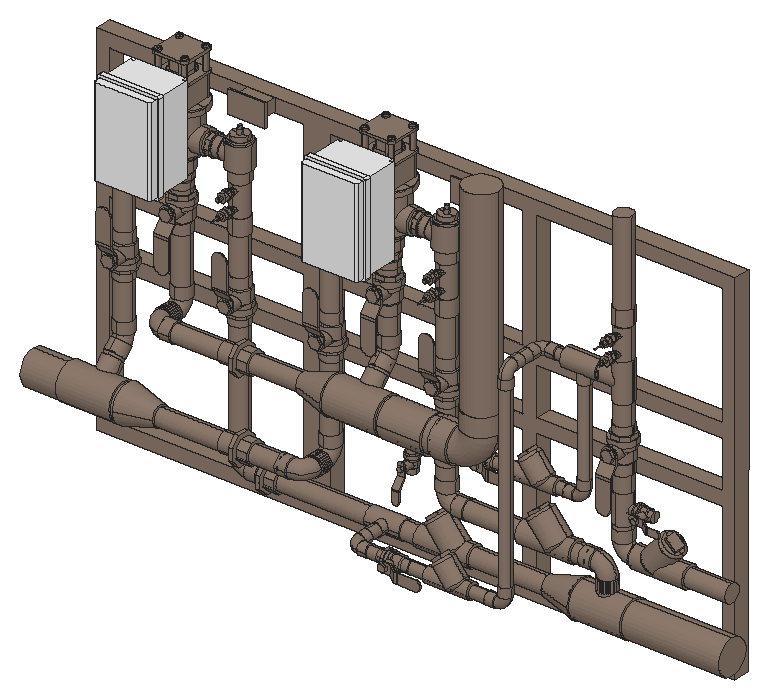
Revit family "Mixing_Valve-Leonard_Valve_Company-Megatron-NV_200_LF_2PS-1", category Pipe Accessories, Revit 2015 (continued)
Definition of nested family "Box_NV-150-LF"
  Automatic sketch dimensions
    Sweep 2 sketch curve to Sweep 2 sketch curve = 0.05983"  (x3)
Definition of nested family "Nucleus_Mixing-Valve_Leonard-Valve-Company_NV-200-LF"
  Parameters (values of type "NV-150-RF-IF BASE")
    NV-150-RF-IF-RTS = no
    NV-150-LF-IF-RTS Additional part = 0.5000"
    Default Elevation = 48.0000"
    Bronze - Leonard Valve Company = none
  Types (3): name | NV-150-RF-IF-RTS | NV-150-LF-IF-RTS Additional part
    (no name) | no | 0.5000"
    NV-150-RF-IF-RTS | yes | 7.5000"
    NV-150-RF-IF BASE | no | 0.5000"
  Reference planes (in)
    plane 1 "Center (Front/Back)": y = 0
    plane 2: z = 0
    plane 3 "Center (Left/Right)": x = 0
    plane 4: y = 1.1142
    plane 5: y = -1.1142
    plane 6: y = 2.13305
    plane 7: y = -1.65625
    plane 8: y = 1.63116
    plane 9: y = -1.63116
    plane 10: z = 8.85341
    plane 11: y = 0.9282
    plane 12: y = -0.9282
    plane 13: y = 1.24452
    plane 14: y = -1.24452
    plane 15: y = 1.65625
    plane 16: y = -1.53078
    plane 17: y = 0.6535
    plane 18: y = -0.6535
    plane 19: y = 0.2185
    plane 20: y = -0.2185
    plane 21: z = -2.95114
    plane 22: y = 0.25597
    plane 23: y = -0.25597
    plane 24: y = -2.13305
    plane 25: x = -8.57905
    plane 26: z = -1.79678
    plane 27: x = 8.61051
    plane 28: y = 1.88216
    plane 29: y = -1.88216
    plane 30: z = -6.40839
  Forms (in)
    Revolve 1, solid, material <- "Bronze - Leonard Valve Company"
      sketch origin (0, 0, 0) x (1, 0, 0) y (0, 0, 1)
        loop
          line (-2.89593, 2.44924) -> (0, 2.44924) -> (0, 3.09669) -> (-2.85578, 3.09669)
          arc (-2.85578, 3.09669) -> (-2.87707, 3.08787) -> (-2.88589, 3.06657) r 0.03011
          line (-2.88589, 3.06657) -> (-2.89593, 2.44924)
        axis (0, 3.09669) -> (0, 2.44924)
      angle from 0 to 360
    Sweep 2, solid, material <- "Bronze - Leonard Valve Company"
      path origin (0, 0, 0) x (1, 0, 0) y (0, 0, 1)
        loop
          line (0, 6.07794) -> (0, 5.82699)
      profile origin (0, 0, 5.95246) x (0, -1, 0) y (1, 0, 0)
        loop
          arc (-2.13305, -1.63111) -> (-1.98605, -1.986) -> (-1.63116, -2.133) r 0.50189
          line (-1.63116, -2.133) -> (1.63116, -2.133)
          arc (1.63116, -2.133) -> (1.98605, -1.986) -> (2.13305, -1.63111) r 0.50189
          line (2.13305, -1.63111) -> (2.13305, 1.63111)
          arc (2.13305, 1.63111) -> (1.98605, 1.986) -> (1.63116, 2.133) r 0.50189
          line (1.63116, 2.133) -> (-1.63116, 2.133)
          arc (-1.63116, 2.133) -> (-1.98605, 1.986) -> (-2.13305, 1.63111) r 0.50189
          line (-2.13305, 1.63111) -> (-2.13305, -1.63111)
    Sweep 3, solid, material <- "Bronze - Leonard Valve Company"
      path origin (0, 0, 0) x (1, 0, 0) y (0, 0, 1)
        loop
          line (0, 6.07794) -> (0, 7.84962)
      profile origin (0, 0, 6.96378) x (-1, 0, 0) y (0, -1, 0)
        loop
          arc (0.58009, -1.1142) -> (0.69357, -1.05731) -> (0.73829, -0.93851) r 0.17417
          arc (0.73829, -0.93851) -> (0.79399, -0.80403) -> (0.92847, -0.74833) r 0.19019
          arc (0.92847, -0.74833) -> (1.04487, -0.70481) -> (1.10417, -0.5956) r 0.17742
          line (1.10417, -0.5956) -> (1.10417, 0.5956)
          arc (1.10417, 0.5956) -> (1.04487, 0.70481) -> (0.92847, 0.74833) r 0.17742
          arc (0.92847, 0.74833) -> (0.79399, 0.80403) -> (0.73829, 0.93851) r 0.19019
          arc (0.73829, 0.93851) -> (0.69357, 1.05731) -> (0.58009, 1.1142) r 0.17417
          line (0.58009, 1.1142) -> (-0.58009, 1.1142)
          arc (-0.58009, 1.1142) -> (-0.69357, 1.05731) -> (-0.73829, 0.93851) r 0.17417
          arc (-0.73829, 0.93851) -> (-0.79399, 0.80403) -> (-0.92847, 0.74833) r 0.19019
          arc (-0.92847, 0.74833) -> (-1.04487, 0.70481) -> (-1.10417, 0.5956) r 0.17742
          line (-1.10417, 0.5956) -> (-1.10417, -0.5956)
          arc (-1.10417, -0.5956) -> (-1.04487, -0.70481) -> (-0.92847, -0.74833) r 0.17742
          arc (-0.92847, -0.74833) -> (-0.79399, -0.80403) -> (-0.73829, -0.93851) r 0.19019
          arc (-0.73829, -0.93851) -> (-0.69357, -1.05731) -> (-0.58009, -1.1142) r 0.17417
          line (-0.58009, -1.1142) -> (0.58009, -1.1142)
    Sweep 4, solid, material <- "Bronze - Leonard Valve Company"
      path origin (0, 0, 0) x (1, 0, 0) y (0, 0, 1)
        loop
          line (0, 6.07794) -> (0, 6.45938)
      profile origin (0, 0, 6.26866) x (-1, 0, 0) y (0, -1, 0)
        loop
          arc (0.94938, -1.1142) -> (1.05883, -1.06887) -> (1.10417, -0.95942) r 0.15479
          line (1.10417, -0.95942) -> (1.10417, 0.95942)
          arc (1.10417, 0.95942) -> (1.05883, 1.06887) -> (0.94938, 1.1142) r 0.15479
          line (0.94938, 1.1142) -> (-0.94938, 1.1142)
          arc (-0.94938, 1.1142) -> (-1.05883, 1.06887) -> (-1.10417, 0.95942) r 0.15479
          line (-1.10417, 0.95942) -> (-1.10417, -0.95942)
          arc (-1.10417, -0.95942) -> (-1.05883, -1.06887) -> (-0.94938, -1.1142) r 0.15479
          line (-0.94938, -1.1142) -> (0.94938, -1.1142)
    Sweep 5, solid, material <- "Bronze - Leonard Valve Company"
      path origin (-4.39662, 1.63116, 47.24409) x (-1, 0, 0) y (0, 0, 1)
        loop
          line (-2.7755, -41.16616) -> (-2.7755, -38.90764)
      profile origin (-1.62112, 1.63116, 7.2072) x (1, 0, 0) y (0, 1, 0)
        loop
          circle (0, 0) r 0.251
    Sweep 6, solid, material <- "Bronze - Leonard Valve Company"
      path origin (-4.39662, 1.63116, 47.24409) x (-1, 0, 0) y (0, 0, 1)
        loop
          line (-6.01773, -38.90764) -> (-6.01773, -41.16616)
      profile origin (1.62112, 1.63116, 7.2072) x (0, 1, 0) y (-1, 0, 0)
        loop
          circle (0, 0) r 0.251
    Sweep 7, solid, material <- "Bronze - Leonard Valve Company"
      path origin (-4.39662, -1.63116, 47.24409) x (-1, 0, 0) y (0, 0, 1)
        loop
          line (-2.7755, -38.90764) -> (-2.7755, -41.16616)
      profile origin (-1.62112, -1.63116, 7.2072) x (0, -1, 0) y (1, 0, 0)
        loop
          circle (0, 0) r 0.251
    Sweep 8, solid, material <- "Bronze - Leonard Valve Company"
      path origin (-4.39662, -1.63116, 47.24409) x (-1, 0, 0) y (0, 0, 1)
        loop
          line (-6.01773, -41.16616) -> (-6.01773, -38.90764)
      profile origin (1.62112, -1.63116, 7.2072) x (-1, 0, 0) y (0, -1, 0)
        loop
          circle (0, 0) r 0.251
    Sweep 9, solid, material <- "Bronze - Leonard Valve Company"
      path origin (0, 0, 0) x (1, 0, 0) y (0, 0, 1)
        loop
          line (0, 8.58741) -> (0, 8.33646)
      profile origin (0, 0, 8.46193) x (0, -1, 0) y (1, 0, 0)
        loop
          arc (-2.13305, -1.63111) -> (-1.98605, -1.986) -> (-1.63116, -2.133) r 0.50189
          line (-1.63116, -2.133) -> (1.63116, -2.133)
          arc (1.63116, -2.133) -> (1.98605, -1.986) -> (2.13305, -1.63111) r 0.50189
          line (2.13305, -1.63111) -> (2.13305, 1.63111)
          arc (2.13305, 1.63111) -> (1.98605, 1.986) -> (1.63116, 2.133) r 0.50189
          line (1.63116, 2.133) -> (-1.63116, 2.133)
          arc (-1.63116, 2.133) -> (-1.98605, 1.986) -> (-2.13305, 1.63111) r 0.50189
          line (-2.13305, 1.63111) -> (-2.13305, -1.63111)
    Revolve 10, solid, material <- "Bronze - Leonard Valve Company"
      sketch origin (-4.39662, 1.63116, 47.24409) x (-1, 0, 0) y (0, 0, 1)
        loop
          line (-2.7755, -38.39069) -> (-2.7755, -38.65669) -> (-2.39908, -38.65669) -> (-2.39908, -38.59646) -> (-2.4844, -38.59646) -> (-2.4844, -38.41578) -> (-2.52455, -38.39069) -> (-2.7755, -38.39069)
        axis (-2.7755, -38.39069) -> (-2.7755, -38.65669)
      angle from 0 to 360
    Revolve 11, solid, material <- "Bronze - Leonard Valve Company"
      sketch origin (-1.40981, 0.9282, 47.24409) x (-1, 0, 0) y (0, 0, 1)
        loop
          line (-0.33073, -40.78472) -> (-0.33073, -40.594) -> (-0.49164, -40.594) -> (-0.49164, -40.78472) -> (-0.33073, -40.78472)
        axis (-0.49164, -40.594) -> (-0.49164, -40.78472)
      angle from 0 to 360
    Revolve 12, solid, material <- "Bronze - Leonard Valve Company"
      sketch origin (-1.40981, 0.9282, 47.24409) x (-1, 0, 0) y (0, 0, 1)
        loop
          line (-2.32797, -40.78472) -> (-2.32797, -40.594) -> (-2.48888, -40.594) -> (-2.48888, -40.78472) -> (-2.32797, -40.78472)
        axis (-2.32797, -40.594) -> (-2.32797, -40.78472)
      angle from 0 to 360
    Revolve 13, solid, material <- "Bronze - Leonard Valve Company"
      sketch origin (-1.40981, -0.9282, 47.24409) x (-1, 0, 0) y (0, 0, 1)
        loop
          line (-0.49164, -40.594) -> (-0.49164, -40.78472) -> (-0.33073, -40.78472) -> (-0.33073, -40.594) -> (-0.49164, -40.594)
        axis (-0.49164, -40.594) -> (-0.49164, -40.78472)
      angle from 0 to 360
    Revolve 14, solid, material <- "Bronze - Leonard Valve Company"
      sketch origin (-1.40981, -0.9282, 47.24409) x (-1, 0, 0) y (0, 0, 1)
        loop
          line (-2.32797, -40.594) -> (-2.48888, -40.594) -> (-2.48888, -40.78472) -> (-2.32797, -40.78472) -> (-2.32797, -40.594)
        axis (-2.32797, -40.594) -> (-2.32797, -40.78472)
      angle from 0 to 360
    Revolve 15, solid, material <- "Bronze - Leonard Valve Company"
      sketch origin (0, 0, 0) x (1, 0, 0) y (0, 0, 1)
        loop
          line (0, 2.44924) -> (0, -4.83353) -> (1.16988, -4.83353) -> (1.16988, -4.45682) -> (1.42036, -4.45682) -> (1.45437, -3.20146) -> (1.63456, -2.52901)
          arc (1.63456, -2.52901) -> (1.68024, -2.46978) -> (1.75161, -2.44734) r 0.12472
          line (1.75161, -2.44734) -> (2.17084, -2.44734)
          arc (2.17084, -2.44734) -> (2.28253, -2.40108) -> (2.32879, -2.28939) r 0.15795
          line (2.32879, -2.28939) -> (2.32879, 2.44924) -> (0, 2.44924)
        axis (0, 2.44924) -> (0, -4.83353)
      angle from 0 to 360
    Sweep 16, solid, material <- "Bronze - Leonard Valve Company"
      path origin (0, 0, 0) x (1, 0, 0) y (0, 0, 1)
        loop
          line (0, -5.47206) -> (0, -4.83353)
      profile origin (0, 0, -5.15279) x (-1, 0, 0) y (0, -1, 0)
        loop
          line (1.23968, 0) -> (0.87511, 0.88013) -> (-0.00502, 1.2447) -> (-0.88515, 0.88013) -> (-1.23968, 0) -> (-0.88515, -0.88013) -> (-0.00502, -1.2447) -> (0.87511, -0.88013) -> (1.23968, 0)
    Revolve 17, solid, material <- "Bronze - Leonard Valve Company"
      sketch origin (0, 0, 0) x (1, 0, 0) y (0, 0, 1)
        loop
          line (-1.23968, -2.49943) -> (-1.84697, -2.49943) -> (-1.84697, -2.69943) -> (-1.89215, -2.72147) -> (-1.97244, -2.72147) -> (-1.97244, -2.95114) -> (-1.23968, -2.95114) -> (-1.23968, -2.49943)
        axis (-1.23968, -2.95114) -> (-1.97244, -2.95114)
      angle from 0 to 360
    Sweep 18, solid, material <- "Bronze - Leonard Valve Company"
      path origin (0, 0, 0) x (1, 0, 0) y (0, 0, 1)
        loop
          line (-1.97244, -2.95114) -> (-2.21335, -2.95114)
      profile origin (-2.0929, 0, -2.95114) x (0, 0, -1) y (0, -1, 0)
        loop
          line (-0.32623, -0.13513) -> (-0.13513, -0.32623) -> (0.13513, -0.32623) -> (0.32623, -0.13513) -> (0.32623, 0.13513) -> (0.13513, 0.32623) -> (-0.13513, 0.32623) -> (-0.32623, 0.13513) -> (-0.32623, -0.13513)
    Revolve 19, solid, material <- "Bronze - Leonard Valve Company"
      sketch origin (0, 0, 0) x (1, 0, 0) y (0, 0, 1)
        loop
          line (-2.21335, -2.82566) -> (-2.28362, -2.82566) -> (-2.34384, -2.76544) -> (-2.34384, -2.95114) -> (-2.21335, -2.95114) -> (-2.21335, -2.82566)
        axis (-2.21335, -2.95114) -> (-2.34384, -2.95114)
      angle from 0 to 360
    Revolve 20, solid, material <- "Bronze - Leonard Valve Company"
      sketch origin (0, 0, 0) x (1, 0, 0) y (0, 0, 1)
        loop
          line (-2.7554, -2.7303) -> (-2.81563, -2.7303) -> (-2.81563, -2.88589) -> (-3.81941, -2.88589) -> (-3.81941, -2.95114) -> (-2.7554, -2.95114) -> (-2.7554, -2.7303)
        axis (-2.7554, -2.95114) -> (-3.81941, -2.95114)
      angle from 0 to 360
    Sweep 21, solid, material <- "Bronze - Leonard Valve Company"
      path origin (0, 0, 0) x (1, 0, 0) y (0, 0, 1)
        loop
          line (-2.7554, -2.95114) -> (-2.34384, -2.95114)
      profile origin (-2.54962, 0, -2.95114) x (0, 0, 1) y (0, -1, 0)
        loop
          line (0.25597, 0.10602) -> (0.10602, 0.25597) -> (-0.10602, 0.25597) -> (-0.25597, 0.10602) -> (-0.25597, -0.10602) -> (-0.10602, -0.25597) -> (0.10602, -0.25597) -> (0.25597, -0.10602) -> (0.25597, 0.10602)
    Revolve 22, solid, material <- "Bronze - Leonard Valve Company"
      sketch origin (-4.39662, 1.63116, 47.24409) x (-1, 0, 0) y (0, 0, 1)
        loop
          line (-6.39462, -38.65669) -> (-6.01773, -38.65669) -> (-6.01773, -38.39069) -> (-6.26868, -38.39069) -> (-6.30883, -38.41578) -> (-6.30883, -38.59646) -> (-6.39462, -38.59646) -> (-6.39462, -38.65669)
        axis (-6.01773, -38.39069) -> (-6.01773, -38.65669)
      angle from 0 to 360
    Revolve 23, solid, material <- "Bronze - Leonard Valve Company"
      sketch origin (-4.39662, -1.63116, 47.24409) x (-1, 0, 0) y (0, 0, 1)
        loop
          line (-2.39908, -38.65669) -> (-2.39908, -38.59646) -> (-2.4844, -38.59646) -> (-2.4844, -38.41578) -> (-2.52455, -38.39069) -> (-2.7755, -38.39069) -> (-2.7755, -38.65669) -> (-2.39908, -38.65669)
        axis (-2.7755, -38.39069) -> (-2.7755, -38.65669)
      angle from 0 to 360
    Revolve 24, solid, material <- "Bronze - Leonard Valve Company"
      sketch origin (-4.39662, -1.63116, 47.24409) x (-1, 0, 0) y (0, 0, 1)
        loop
          line (-6.39462, -38.65669) -> (-6.01773, -38.65669) -> (-6.01773, -38.39069) -> (-6.26868, -38.39069) -> (-6.30883, -38.41578) -> (-6.30883, -38.59646) -> (-6.39462, -38.59646) -> (-6.39462, -38.65669)
        axis (-6.01773, -38.39069) -> (-6.01773, -38.65669)
      angle from 0 to 360
    Sweep 25, solid, material <- "Bronze - Leonard Valve Company"
      path origin (0, 0, 0) x (1, 0, 0) y (0, 0, 1)
        loop
          line (0, 5.82699) -> (0, 3.09669)
      profile origin (0, 0, 4.46184) x (0, -1, 0) y (1, 0, 0)
        loop
          line (-1.63116, -1.87212) -> (1.65625, -1.87212)
          arc (1.65625, -1.87212) -> (1.81736, -1.78996) -> (1.88216, -1.62112) r 0.25239
          line (1.88216, -1.62112) -> (1.88216, 1.62112)
          arc (1.88216, 1.62112) -> (1.80864, 1.7986) -> (1.63116, 1.87212) r 0.251
          line (1.63116, 1.87212) -> (-1.65625, 1.87212)
          arc (-1.65625, 1.87212) -> (-1.8168, 1.78945) -> (-1.88216, 1.62112) r 0.25463
          line (-1.88216, 1.62112) -> (-1.88216, -1.62112)
          arc (-1.88216, -1.62112) -> (-1.80864, -1.7986) -> (-1.63116, -1.87212) r 0.251
    Revolve 26, solid, material <- "Bronze - Leonard Valve Company"
      sketch origin (0, 0, 0) x (1, 0, 0) y (0, 0, 1)
        loop
          line (0, -5.47206) -> (-1.23968, -5.47206)
          arc (-1.23968, -5.47206) -> (-1.17946, -5.5074) -> (-1.15344, -5.5722) r 0.10802
          line (-1.15344, -5.5722) -> (-1.15344, -6.40839) -> (0, -6.40839) -> (0, -5.47206)
        axis (0, -5.47206) -> (0, -6.40839)
      angle from 0 to 360
  Dimensions and locks (in)
    locked: Sweep 16 sketch curve to Sweep 16 sketch curve at 2.47936
    locked: Sweep 16 sketch curve to Sweep 16 sketch curve at 2.48939
    equal spacing: Sweep 18 sketch curve, plane 1 "Center (Front/Back)", Sweep 18 sketch curve
    locked: Sweep 18 sketch curve to Sweep 18 sketch curve at 0.65246
    plane 6 to plane 15 to plane 13 to plane 4 to plane 17 to plane 19 to plane 20 to plane 18 to plane 5 to plane 14 to plane 16 to plane 7 to plane 24 = 0.4768" locked, 0.41173" locked, 0.13031" locked, 0.4607" locked, 0.4350" locked, 0.4370" locked, 0.4350" locked, 0.4607" locked, 0.13031" locked, 0.28626" locked, 0.12547" locked, 0.4768" locked
    radius of Sweep 2 sketch curve = 0.50189"  (x4)
    radius of Sweep 4 sketch curve = 0.15479"  (x4)
    radius of Sweep 3 sketch curve = 0.17742"  (x4)
    radius of Sweep 3 sketch curve = 0.19019"  (x4)
    radius of Sweep 3 sketch curve = 0.17417"  (x4)
    radius of Sweep 5 sketch curve = 0.2510"
    radius of Sweep 6 sketch curve = 0.2510"
    radius of Sweep 7 sketch curve = 0.2510"
    radius of Sweep 8 sketch curve = 0.2510"
    radius of Sweep 9 sketch curve = 0.50189"  (x4)
    radius of Sweep 25 sketch curve = 0.2510"  (x2)
    radius of Sweep 25 sketch curve = 0.25463"
    radius of Sweep 25 sketch curve = 0.25239"
    aligned and locked: level to plane 2
    aligned and locked: plane 26 to nested 1
    aligned and locked: nested 1 to plane 25
    aligned and locked: plane 3 "Center (Left/Right)" to Revolve 15 sketch curve
    aligned and locked: plane 27 to nested 2
    aligned and locked: Sweep 25 sketch curve to plane 3 "Center (Left/Right)"
    aligned and locked: Sweep 25 sketch curve to plane 28
    aligned and locked: plane 29 to Sweep 25 sketch curve
    aligned and locked: Revolve 26 sketch curve to plane 3 "Center (Left/Right)"  (x2)
  Nested families (in)
    nested 1: "Mixing-Valve_Leonard-Valve-Company_NV-200-LF_Side" at (-7.07336, 0, -1.79678) x (-1, 0, 0) z (0, 0, 1), type "Mixing-Valve_Leonard-Valve-Company_NV-200-LF_Side"
    nested 2: "Mixing-Valve_Leonard-Valve-Company_NV-200-LF_Side" at (7.10483, 0, -3.32899), type "Mixing-Valve_Leonard-Valve-Company_NV-200-LF_Side"
  Definition of nested family "Mixing-Valve_Leonard-Valve-Company_NV-200-LF_Side"
    Parameters (values of type "Mixing-Valve_Leonard-Valve-Company_NV-200-LF_Side")
      Material = none
      Default Elevation = 48.0000"
    Reference planes (in)
      plane 1 "Center (Front/Back)": y = 0
      plane 2: z = 0
      plane 3 "Center (Left/Right)": x = 0
      plane 4: y = 1.1142
      plane 5: y = -1.1142
      plane 6: y = -1.65625
      plane 7: y = 1.63116
      plane 8: y = -1.63116
      plane 9: y = 0.9282
      plane 10: y = -0.9282
      plane 11: z = 2.75393
      plane 12: y = 1.24452
      plane 13: y = -1.24452
      plane 14: y = -1.53078
      plane 15: z = 5.91845
      plane 16: x = 1.50568
      plane 17: y = 0.6535
      plane 18: y = -0.6535
      plane 19: y = 0.2185
      plane 20: y = -0.2185
      plane 21: y = 0.25597
      plane 22: y = -0.25597
      plane 23: y = 1.65625
      plane 24: z = 0
      plane 25: x = -2.79546
      plane 26: x = -1.50568
      plane 27: x = -3.43137
      plane 28: x = -6.43137
      plane 29: z = 3.9206
      plane 30: z = 4.04077
      plane 31: z = 1.4671
    Forms (in)
      Revolve 1, solid, material <- "Material"
        sketch origin (0, 0, 2.8691) x (1, 0, 0) y (0, 0, 1)
          loop
            line (0, 3.04936) -> (0, -2.8691) -> (1.18522, -2.8691) -> (1.18522, -1.42704) -> (1.50568, -1.42704) -> (1.50568, 1.42704) -> (1.3805, 1.42704) -> (1.3805, 1.58727)
            arc (1.3805, 1.58727) -> (1.29024, 1.62572) -> (1.25542, 1.71745) r 0.12518
            line (1.25542, 1.71745) -> (1.01498, 1.71745) -> (1.01498, 2.20815) -> (0.28394, 2.20815) -> (0.28394, 2.67883) -> (0.21884, 2.67883) -> (0.21884, 3.04936) -> (0, 3.04936)
          axis (0, 3.04936) -> (0, -2.8691)
        angle from 0 to 360
      Revolve 2, solid, material <- "Material"
        sketch origin (0, 0, 0) x (1, 0, 0) y (0, 0, 1)
          loop
            line (0, 3.9206) -> (-1.72894, 3.9206) -> (-1.72894, 3.82046) -> (-1.85913, 3.82046) -> (-1.85913, 3.90057) -> (-2.69532, 3.90057)
            arc (-2.69532, 3.90057) -> (-2.76715, 3.94253) -> (-2.79546, 4.02074) r 0.12217
            line (-2.79546, 4.02074) -> (-2.79546, 2.75393) -> (0, 2.75393) -> (0, 3.9206)
          axis (-2.79546, 2.75393) -> (0, 2.75393)
        angle from 0 to 360
      Sweep 3, solid, material <- "Material"
        path origin (0, 0, 0) x (1, 0, 0) y (0, 0, 1)
          loop
            line (-2.79546, 2.75393) -> (-3.43137, 2.75393)
        profile origin (-3.11342, 0, 2.75393) x (0, 0, -1) y (0, -1, 0)
          loop
            line (-1.28684, 0) -> (-0.90993, -0.90993) -> (0, -1.28684) -> (0.90993, -0.90993) -> (1.28684, 0) -> (0.90993, 0.90993) -> (0, 1.28684) -> (-0.90993, 0.90993) -> (-1.28684, 0)
      Revolve 4, solid, material <- "Material"
        sketch origin (0, 0, 0) x (1, 0, 0) y (0, 0, 1)
          loop
            line (-3.43137, 3.9206) -> (-3.80691, 3.9206) -> (-3.80691, 4.16595) -> (-6.43137, 4.30555) -> (-6.43137, 2.75393) -> (-3.43137, 2.75393) -> (-3.43137, 3.9206)
          axis (-6.43137, 2.75393) -> (-3.43137, 2.75393)
        angle from 0 to 360
    Dimensions and locks (in)
      aligned and locked: level to plane 2
      aligned and locked: Revolve 1 sketch curve to plane 15
      aligned and locked: plane 3 "Center (Left/Right)" to Revolve 1 sketch curve
      aligned and locked: Revolve 1 sketch curve to plane 16
      aligned and locked: Revolve 1 sketch curve to plane 3 "Center (Left/Right)"
      aligned and locked: plane 24 to Revolve 1 sketch curve
      aligned and locked: plane 25 to Revolve 2 sketch curve
      aligned and locked: Revolve 2 sketch curve to plane 11  (x2)
      aligned and locked: plane 29 to Revolve 2 sketch curve
      aligned and locked: plane 27 to Sweep 3 sketch curve
      aligned and locked: plane 25 to Sweep 3 sketch curve
      aligned and locked: plane 11 to Sweep 3 sketch curve
      aligned and locked: Revolve 4 sketch curve to plane 11  (x2)
      aligned and locked: Revolve 4 sketch curve to plane 27
      aligned and locked: plane 29 to Revolve 4 sketch curve
      aligned and locked: plane 3 "Center (Left/Right)" to Revolve 2 sketch curve
      aligned and locked: plane 28 to Revolve 4 sketch curve
Definition of nested family "Fitting-Tee_NV-200-LF"
  Parameters (values of type "Fitting-Tee_NV-200-LF")
    Material = none
  Reference planes (in)
    plane 1 "Center (Front/Back)": y = 0
    plane 2: z = 0
    plane 3 "Center (Left/Right)": x = 0
    plane 4: z = 4.16153
    plane 5: z = -2.84848
    plane 6: x = 0
    plane 7: z = 2.00095
  Forms (in)
    Revolve 1, solid, material <- "Material", detail levels fine
      sketch origin (-0.35599, 0, 0) x (1, 0, 0) y (0, 0, 1)
        loop
          line (0.35599, 4.16153) -> (-0.69552, 4.16153) -> (-0.69552, -0.92073) -> (-0.77563, -1.00084) -> (-0.77563, -2.84848) -> (0.35599, -2.84848) -> (0.35599, 4.16153)
        axis (0.35599, 4.16153) -> (0.35599, -2.84848)
      angle from 0 to 360
    Revolve 2, solid, material <- "Material", detail levels fine
      sketch origin (-0.35599, 0, 0) x (1, 0, 0) y (0, 0, 1)
        loop
          line (0, 0.3714) -> (-0.90843, 0.3714) -> (-0.90843, 0.31117) -> (-1.33002, 0.31117) -> (-1.33002, 0.45672) -> (-1.57093, 0.45672) -> (-1.57093, 0) -> (0, 0) -> (0, 0.3714)
        axis (-1.57093, 0) -> (0, 0)
      angle from 0 to 360
    Sweep 3, solid, material <- "Material", detail levels fine
      path origin (-0.35599, 0, 0) x (1, 0, 0) y (0, 0, 1)
        loop
          line (-1.94233, 0) -> (-1.57093, 0)
      profile origin (-2.11262, 0, 0) x (0, 0, 1) y (0, -1, 0)
        loop
          line (0.52197, 0.30136) -> (0, 0.60272) -> (-0.52197, 0.30136) -> (-0.52197, -0.30136) -> (0, -0.60272) -> (0.52197, -0.30136) -> (0.52197, 0.30136)
    Revolve 4, solid, material <- "Material", detail levels fine
      sketch origin (-0.35599, 0, 0) x (1, 0, 0) y (0, 0, 1)
        loop
          line (-1.94233, 0) -> (-1.94233, 0.36638) -> (-2.0678, 0.36638) -> (-2.0678, 0) -> (-1.94233, 0)
        axis (-2.0678, 0) -> (-1.94233, 0)
      angle from 0 to 360
    Sweep 5, solid, material <- "Material", detail levels fine
      path origin (-0.35599, 0, 0) x (1, 0, 0) y (0, 0, 1)
        loop
          line (-2.0678, 0) -> (-2.45426, 0)
      profile origin (-2.61702, 0, 0) x (0, 0, -1) y (0, -1, 0)
        loop
          line (-0.52197, 0) -> (-0.36909, -0.36909) -> (0, -0.52197) -> (0.36909, -0.36909) -> (0.52197, 0) -> (0.36909, 0.36909) -> (0, 0.52197) -> (-0.36909, 0.36909) -> (-0.52197, 0)
    Revolve 6, solid, material <- "Material", detail levels fine
      sketch origin (-0.35599, 0, 0) x (1, 0, 0) y (0, 0, 1)
        loop
          line (-2.45426, 0) -> (-2.45426, 0.12547) -> (-2.52453, 0.12547) -> (-2.58475, 0.17601) -> (-2.58475, 0) -> (-2.45426, 0)
        axis (-2.58475, 0) -> (-2.45426, 0)
      angle from 0 to 360
    Sweep 7, solid, material <- "Material", detail levels fine
      path origin (-0.35599, 0, 0) x (1, 0, 0) y (0, 0, 1)
        loop
          line (-2.58475, 0) -> (-2.99631, 0)
      profile origin (-3.14652, 0, 0) x (0, 0, -1) y (0, -1, 0)
        loop
          line (-0.25095, -0.10395) -> (-0.10395, -0.25095) -> (0.10395, -0.25095) -> (0.25095, -0.10395) -> (0.25095, 0.10395) -> (0.10395, 0.25095) -> (-0.10395, 0.25095) -> (-0.25095, 0.10395) -> (-0.25095, -0.10395)
    Revolve 8, solid, material <- "Material", detail levels fine
      sketch origin (-0.35599, 0, 0) x (1, 0, 0) y (0, 0, 1)
        loop
          line (-2.99631, 0) -> (-2.99631, 0.22083) -> (-3.05653, 0.22083) -> (-3.05653, 0.06023) -> (-4.06032, 0.06023) -> (-4.06032, 0) -> (-2.99631, 0)
        axis (-4.06032, 0) -> (-2.99631, 0)
      angle from 0 to 360
    Revolve 9, solid, material <- "Material", detail levels fine
      sketch origin (0, 0, 0) x (1, 0, 0) y (0, 0, 1)
        loop
          line (-1.92635, 2.00095) -> (0, 2.00095) -> (0, 2.36897) -> (-1.26541, 2.36897) -> (-1.26541, 2.30889) -> (-1.68601, 2.30889) -> (-1.68601, 2.45409) -> (-1.92635, 2.45409) -> (-1.92635, 2.00095)
        axis (-1.92635, 2.00095) -> (0, 2.00095)
      angle from 0 to 360
    Sweep 10, solid, material <- "Material", detail levels fine
      path origin (0, 0, 0) x (1, 0, 0) y (0, 0, 1)
        loop
          line (-2.29688, 2.00095) -> (-1.92635, 2.00095)
      profile origin (-2.11161, 0, 2.00095) x (0, 0, 1) y (0, -1, 0)
        loop
          line (0.51824, 0.29921) -> (0, 0.59841) -> (-0.51824, 0.29921) -> (-0.51824, -0.29921) -> (0, -0.59841) -> (0.51824, -0.29921) -> (0.51824, 0.29921)
    Sweep 11, solid, material <- "Material", detail levels fine
      path origin (0, 0, 0) x (1, 0, 0) y (0, 0, 1)
        loop
          line (-2.42206, 2.00095) -> (-2.80761, 2.00095)
      profile origin (-2.61483, 0, 2.00095) x (0, 0, -1) y (0, -1, 0)
        loop
          line (-0.51824, -0.21466) -> (-0.21466, -0.51824) -> (0.21466, -0.51824) -> (0.51824, -0.21466) -> (0.51824, 0.21466) -> (0.21466, 0.51824) -> (-0.21466, 0.51824) -> (-0.51824, 0.21466) -> (-0.51824, -0.21466)
    Sweep 12, solid, material <- "Material", detail levels fine
      path origin (0, 0, 0) x (1, 0, 0) y (0, 0, 1)
        loop
          line (-3.353, 2.00095) -> (-2.93779, 2.00095)
      profile origin (-3.1454, 0, 2.00095) x (0, 0, 1) y (0, -1, 0)
        loop
          line (0.25286, 0.10474) -> (0.10474, 0.25286) -> (-0.10474, 0.25286) -> (-0.25286, 0.10474) -> (-0.25286, -0.10474) -> (-0.10474, -0.25286) -> (0.10474, -0.25286) -> (0.25286, -0.10474) -> (0.25286, 0.10474)
    Revolve 13, solid, material <- "Material", detail levels fine
      sketch origin (0, 0, 0) x (1, 0, 0) y (0, 0, 1)
        loop
          line (-2.42206, 2.36897) -> (-2.42206, 2.00095) -> (-2.29688, 2.00095) -> (-2.29688, 2.36897) -> (-2.42206, 2.36897)
        axis (-2.42206, 2.00095) -> (-2.29688, 2.00095)
      angle from 0 to 360
    Revolve 14, solid, material <- "Material", detail levels fine
      sketch origin (0, 0, 0) x (1, 0, 0) y (0, 0, 1)
        loop
          line (-2.80761, 2.12362) -> (-2.87771, 2.12362) -> (-2.93779, 2.18371) -> (-2.93779, 2.00095) -> (-2.80761, 2.00095) -> (-2.80761, 2.12362)
        axis (-2.93779, 2.00095) -> (-2.80761, 2.00095)
      angle from 0 to 360
    Revolve 15, solid, material <- "Material", detail levels fine
      sketch origin (0, 0, 0) x (1, 0, 0) y (0, 0, 1)
        loop
          line (-3.353, 2.21876) -> (-3.40847, 2.21876) -> (-3.40847, 2.00095) -> (-3.353, 2.00095) -> (-3.353, 2.21876)
        axis (-3.40847, 2.00095) -> (-3.353, 2.00095)
      angle from 0 to 360
  Lines and regions (in)
    model lines, detail levels coarse+medium
      curve 1: line (-1.26541, 0, 2.00095) -> (0, 0, 2.00095)
      curve 2: line (-1.26541, 0, 2.36897) -> (-1.26541, 0, 1.62791)
      curve 3: line (-1.26541, 0, 0) -> (0, 0, 0)
      curve 4: line (-1.26541, 0, 0.36611) -> (-1.26541, 0, -0.37495)
      curve 5: line (0, 0, 4.16153) -> (0, 0, -2.84848)
      curve 6: line (-1.13162, 0, -2.84848) -> (1.13162, 0, -2.84848)
      curve 7: line (-1.0515, 0, 4.16153) -> (1.0515, 0, 4.16153)
  Dimensions and locks (in)
    aligned and locked: level to plane 2
    aligned and locked: Revolve 2 sketch curve to plane 2
    aligned and locked: Sweep 3 sketch curve to plane 2
    aligned and locked: Revolve 4 sketch curve to plane 2
    aligned and locked: plane 2 to Sweep 5 sketch curve
    aligned and locked: Revolve 6 sketch curve to plane 2
    aligned and locked: plane 2 to Sweep 7 sketch curve
    aligned and locked: Revolve 8 sketch curve to plane 2
    aligned and locked: Revolve 9 sketch curve to plane 7
    aligned and locked: Sweep 10 sketch curve to plane 7
    aligned and locked: plane 7 to Sweep 11 sketch curve
    aligned and locked: Sweep 12 sketch curve to plane 7
    aligned and locked: Revolve 13 sketch curve to plane 7
    aligned and locked: Revolve 15 sketch curve to plane 7
Definition of nested family "Fitting-Elbow_Leonard-Valve-Company"
  Parameters (values of type "Fitting-Elbow_Leonard-Valve-Company_4.0")
    Width = 7.0600"
    Pipe Diameter = 4.0450"
    Material = none
    Height = 7.0600"
    Elbow Top = 4.3390"
    Elbow Lenght = 4.8940"
    Diameter = 4.0000"
  Types (7): name | Width | Pipe Diameter | Height | Elbow Top | Elbow Lenght | Diameter
    (no name) | 7.0600" | 4.0450" | 7.0600" | 4.3390" | 4.8940" | 4.0000"
    Fitting-Elbow_Leonard-Valve-Company_2.0 | 3.81611" | 2.0600" | 3.82111" | 2.26362" | 2.47897" | 2.0000"
    Fitting-Elbow_Leonard-Valve-Company_1.0 | 2.5900" | 1.1200" | 2.5900" | 1.2300" | 1.6800" | 1.0000"
    Fitting-Elbow_Leonard-Valve-Company_1.25 | 2.7900" | 1.3200" | 2.7900" | 1.4700" | 1.7500" | 1.2500"
    Fitting-Elbow_Leonard-Valve-Company_1.5 | 3.1800" | 1.5800" | 3.1800" | 1.7400" | 2.0900" | 1.5000"
    Fitting-Elbow_Leonard-Valve-Company_3.0 | 5.3700" | 3.0420" | 5.3700" | 3.2890" | 3.7090" | 3.0000"
    Fitting-Elbow_Leonard-Valve-Company_4.0 | 7.0600" | 4.0450" | 7.0600" | 4.3390" | 4.8940" | 4.0000"
  Reference planes (in)
    plane 1 "Center (Front/Back)": y = 0
    plane 2: z = 0
    plane 3 "Center (Left/Right)": x = 0
    plane 4: x = 3.53
    plane 5: z = 3.53
    plane 6: z = 1.364
    plane 7: x = 1.364
    plane 8: z = -3.53
    plane 9: x = -3.53
    plane 10: x = 0.809
    plane 11: z = 0.809
    plane 12: x = -1.3605
    plane 13: z = -1.3605
  Forms (in)
    Revolve 1, solid, material <- "Material", detail levels fine
      sketch origin (-0.78125, 0, -0.77875) x (1, 0, 0) y (0, 0, 1)
        loop
          line (4.31125, -0.58175) -> (4.31125, 1.58775) -> (2.14525, 1.58775) -> (2.14525, -0.58175) -> (4.31125, -0.58175)
        axis (2.14525, -0.58175) -> (4.31125, -0.58175)
      angle from 0 to 360
    Revolve 2, solid, material <- "Material", detail levels fine
      sketch origin (-0.78125, 0, -0.77875) x (1, 0, 0) y (0, 0, 1)
        loop
          line (-2.74875, 2.14275) -> (-0.57925, 2.14275) -> (-0.57925, 4.30875) -> (-2.74875, 4.30875) -> (-2.74875, 2.14275)
        axis (-0.57925, 4.30875) -> (-0.57925, 2.14275)
      angle from 0 to 360
    Sweep 3, solid, material <- "Material", detail levels fine
      path origin (-0.78125, 0, -0.77875) x (1, 0, 0) y (0, 0, 1)
        loop
          arc (-0.57925, 2.14275) -> (0.21874, 0.21623) -> (2.14525, -0.58175) r 2.7245
      profile "Fitting-Profile : Fitting-Profile" origin (-0.56251, 0, -0.56251) x (0.707107, 0, 0.707107) y (0, -1, 0)
        loop
          circle (0, 0) r 2.0225
  Lines and regions (in)
    model lines, detail levels coarse+medium
      curve 1: line (-3.53, 0, 3.53) -> (0.809, 0, 3.53)
      curve 2: line (3.53, 0, 0.809) -> (3.53, 0, -3.53)
      curve 3: line (-1.3605, 0, 3.53) -> (-1.3605, 0, 1.364)
      curve 4: line (3.53, 0, -1.3605) -> (1.364, 0, -1.3605)
      curve 5: arc (-1.3605, 0, 1.364) -> (-0.56251, 0, -0.56251) -> (1.364, 0, -1.3605) r 2.7245
  Dimensions and locks (in)
    "Elbow Lenght": plane 6 to plane 8
    "Elbow Lenght": plane 7 to plane 9
    "Elbow Top": plane 11 to plane 8
    "Elbow Top": plane 10 to plane 9
    equal spacing: plane 10, plane 12, plane 9
    equal spacing: plane 11, plane 13, plane 8
    equal spacing: plane 5, plane 2, plane 8
    equal spacing: plane 4, plane 3 "Center (Left/Right)", plane 9
    "Height": plane 5 to plane 8
    "Width": plane 4 to plane 9
    aligned and locked: level to plane 2
    aligned and locked: plane 4 to Revolve 1 sketch curve
    aligned and locked: Revolve 2 sketch curve to plane 5
    aligned and locked: Revolve 1 sketch curve to plane 7
    aligned and locked: curve 1 to plane 5
    aligned and locked: Revolve 2 sketch curve to plane 12  (x2)
    aligned and locked: plane 6 to Revolve 2 sketch curve
    aligned and locked: Revolve 1 sketch curve to plane 13  (x2)
    aligned and locked: Revolve 1 sketch curve to plane 11
    aligned and locked: plane 9 to Revolve 2 sketch curve
    aligned and locked: plane 6 to Sweep 3 sketch curve
    aligned and locked: plane 7 to Sweep 3 sketch curve
    aligned and locked: plane 9 to curve 1
    aligned and locked: plane 10 to curve 1
    aligned and locked: curve 2 to plane 4
    aligned and locked: plane 11 to curve 2
    aligned and locked: plane 8 to curve 2
    aligned and locked: plane 4 to curve 4
    aligned and locked: plane 13 to curve 4
    aligned and locked: plane 6 to curve 5
    aligned and locked: plane 5 to curve 3
    aligned and locked: curve 3 to plane 12
    aligned and locked: plane 12 to curve 5
    aligned and locked: plane 7 to curve 4
    aligned and locked: plane 13 to curve 5
  Automatic sketch dimensions
    Revolve 1 sketch curve to plane 9 = 58.1854"
    plane 4 to Revolve 1 sketch curve = 69.71809"
    plane 8 to Revolve 2 sketch curve = 13.2794"
    plane 5 to Revolve 2 sketch curve = 84.48845"
    Sweep 3 sketch curve to plane 12 = 0.0000"
Definition of nested family "Valve-Check_Leonard-Valve-Company"
  Parameters (values of type "Valve-Check_Leonard-Valve-Company_1.5")
    Width = 5.2930"
    Top Width = 1.0230"
    Reduction Width = 2.4520"
    Reduction Top Height = 3.3800"
    Reduction Position = 1.7860"
    Reduction Height = 3.0310"
    Position = 1.4660"
    Material = none
    Corner Radious = 0.2650"
    Pipe Diameter = 1.8040"
    Diemeter = 1.5000"
  Types (5): name | Width | Top Width | Reduction Width | Reduction Top Height | Reduction Position | Reduction Height | Position | Corner Radious | Pipe Diameter | Diemeter
    Valve-Check_Leonard-Valve-Company_1.25 | 5.3440" | 1.3900" | 2.4790" | 3.4600" | 1.7930" | 3.1100" | 1.3700" | 0.30882" | 1.8220" | 1.2500"
    Valve-Check_Leonard-Valve-Company_1.0 | 4.1190" | 1.0230" | 1.9350" | 2.8090" | 2.23846" | 2.5050" | 1.4660" | 0.2650" | 1.5690" | 1.0000"
    Valve-Check_Leonard-Valve-Company_1.5 | 5.2930" | 1.0230" | 2.4520" | 3.3800" | 1.7860" | 3.0310" | 1.4660" | 0.2650" | 1.8040" | 1.5000"
    Valve-Check_Leonard-Valve-Company_2.0 | 6.5040" | 1.6950" | 3.0770" | 4.1600" | 1.2840" | 3.8090" | 1.2660" | 0.2530" | 2.5550" | 2.0000"
    Valve-Check_Leonard-Valve-Company_3.0 | 6.5040" | 1.6950" | 3.0770" | 4.1600" | 1.2840" | 3.8090" | 1.2660" | 0.2530" | 2.5550" | 3.0000"
  Reference planes (in)
    plane 1 "Center (Front/Back)": y = 0
    plane 2: z = 0
    plane 3 "Center (Left/Right)": x = 0
    plane 4: x = -2.6465
    plane 5: x = 2.6465
    plane 6: z = 0.902
    plane 7: z = -0.902
    plane 8: through (0.87672, -60, 2.19376) normal (-0.766, 0, 0.6428)
    plane 9: through (0.68118, -60, 3.09219) normal (0.6428, 0, 0.766)
    plane 10: through (1.51453, -60, 1.93734) normal (0.6428, 0, 0.766)
    plane 11: through (-0.42304, -60, -0.39354) normal (0.6428, 0, 0.766)
    plane 12: through (3.52252, -60, 3.43958) normal (-0.766, 0, 0.6428)
    plane 13: through (2.76859, -60, 3.65265) normal (-0.766, 0, 0.6428)
    plane 14: through (1.98493, -60, 4.31023) normal (-0.766, 0, 0.6428)
    plane 15: through (2.44756, -60, -0.82392) normal (0.6428, 0, 0.766)
    plane 16: through (1.64418, -60, 5.0157) normal (-0.766, 0, 0.6428)
    plane 17: through (3.31952, -60, 3.60992) normal (-0.766, 0, 0.6428)
    plane 18: through (-0.232, -60, -0.20791) normal (0.6428, 0, 0.766)
    plane 19: through (1.37561, -60, 1.70797) normal (0.6428, 0, 0.766)
    plane 20: through (-1.38876, -60, -1.49693) normal (0.6428, 0, 0.766)
    plane 21: through (0.30643, -60, 6.19996) normal (-0.766, 0, 0.6428)
  Forms (in)
    Sweep 1, solid, material <- "Material", detail levels fine
      path origin (0, 0, 0) x (1, 0, 0) y (0, 0, 1)
        loop
          line (-2.6465, 0) -> (2.6465, 0)
      profile "Fitting-Profile : Fitting-Profile" origin (0, 0, 0) x (0, 0, 1) y (0, -1, 0)
        loop
          circle (0, 0) r 0.902
    Sweep 2, solid, material <- "Material", detail levels fine
      path origin (0, 0, 0) x (1, 0, 0) y (0, 0, 1)
        loop
          line (1.01398, 2.35734) -> (1.23831, 2.62469)
      profile origin (1.12615, 0, 2.49102) x (-0.766044, 0, 0.642788) y (0, -1, 0)
        loop
          line (0.5115, 0.695) -> (-0.5115, 0.695) -> (-0.5115, -0.695) -> (0.5115, -0.695) -> (0.5115, 0.695)
    Revolve 3, solid, material <- "Material", detail levels fine
      sketch origin (0, 0, 0) x (1, 0, 0) y (0, 0, 1)
        loop
          line (1.01398, 2.35734) -> (-0.93431, 0.03546) -> (-0.19814, -0.58226)
          arc (-0.19814, -0.58226) -> (-0.0047, -0.64325) -> (0.1752, -0.54959) r 0.265
          line (0.1752, -0.54959) -> (1.78281, 1.36629)
          arc (1.78281, 1.36629) -> (1.8438, 1.55972) -> (1.75015, 1.73963) r 0.265
          line (1.75015, 1.73963) -> (1.01398, 2.35734)
        axis (-0.93431, 0.03546) -> (1.01398, 2.35734)
      angle from 0 to 360
  Cuts and joins
    joined: Sweep 1, Revolve 3
  Lines and regions (in)
    model lines, detail levels coarse+medium
      curve 1: line (-2.6465, 0, 0) -> (2.6465, 0, 0)
      curve 4: line (0.84648, 0, 2.95348) -> (1.63015, 0, 2.29591)
    model lines
      curve 2: line (-2.6465, 0, 0.902) -> (-2.6465, 0, -0.902)
      curve 3: line (2.6465, 0, 0.902) -> (2.6465, 0, -0.902)
      curve 5: line (1.23831, 0, 2.62469) -> (-0.96407, 0, 0)
  Dimensions and locks (in)
    "Width": plane 5 to plane 4
    equal spacing: plane 5, plane 3 "Center (Left/Right)", plane 4
    equal spacing: plane 6, plane 2, plane 7
    "Pipe Diameter": plane 6 to plane 7
    "Reduction Height": plane 10 to plane 11
    equal spacing: plane 10, plane 15, plane 11
    "Top Width": plane 13 to plane 14
    equal spacing: plane 16, plane 8, plane 12
    "Reduction Width": plane 16 to plane 12
    equal spacing: plane 13, plane 8, plane 14
    "Reduction Top Height": plane 9 to plane 11
    "Corner Radious": plane 17 to plane 12
    "Corner Radious": plane 10 to plane 19
    "Corner Radious": plane 18 to plane 11
    "Position": plane 11 to plane 20
    "Reduction Position": plane 16 to plane 21
    aligned and locked: level to plane 2
    aligned and locked: Sweep 1 sketch curve to plane 2
    aligned and locked: plane 4 to Sweep 1 sketch curve
    aligned and locked: plane 5 to Sweep 1 sketch curve
    aligned and locked: curve 1 to plane 2
    aligned and locked: plane 4 to curve 1
    aligned and locked: plane 5 to curve 1
    aligned and locked: plane 9 to Sweep 2 sketch curve
    aligned and locked: Sweep 2 sketch curve to plane 8
    aligned and locked: plane 10 to Sweep 2 sketch curve
    aligned and locked: plane 14 to Sweep 2 sketch curve
    aligned and locked: plane 13 to Sweep 2 sketch curve
    aligned and locked: curve 4 to plane 9
    aligned and locked: curve 2 to plane 4
    aligned and locked: plane 6 to curve 2
    aligned and locked: plane 7 to curve 2
    aligned and locked: plane 6 to curve 3
    aligned and locked: curve 3 to plane 5
    aligned and locked: plane 7 to curve 3
    aligned and locked: plane 12 to Revolve 3 sketch curve  (x2)
    aligned and locked: Revolve 3 sketch curve to plane 8  (x2)
    aligned and locked: Revolve 3 sketch curve to plane 10
    aligned and locked: plane 11 to Revolve 3 sketch curve
    aligned and locked: plane 18 to Revolve 3 sketch curve
    aligned and locked: plane 17 to Revolve 3 sketch curve  (x2)
    aligned and locked: plane 10 to Revolve 3 sketch curve
    aligned and locked: plane 19 to Revolve 3 sketch curve
    aligned and locked: plane 8 to curve 5  (x2)
    aligned and locked: plane 9 to curve 5
  Automatic sketch dimensions
    Sweep 2 sketch curve to plane 1 "Center (Front/Back)" = 0.6950"
    plane 1 "Center (Front/Back)" to Sweep 2 sketch curve = 0.6950"
    Revolve 3 sketch curve to plane 18 = 0.0000"
    plane 19 to Revolve 3 sketch curve = 0.0000"
    Revolve 3 sketch curve to level = 0.21961"
    Revolve 3 sketch curve to plane 5 = 0.24834"
    curve 4 to plane 14 = 0.0000"
    plane 13 to curve 4 = 0.0000"
Definition of nested family "Fitting-Tee_Leonard-Valve-Company"
  Parameters (values of type "Fitting-Tee_Leonard-Valve-Company_3.0")
    Width = 5.0430"
    Pipe Diemater 02 = 3.2890"
    Pipe Diameter 01 = 1.7000"
    Material = none
    Height = 4.0000"
    Diameter 02 = 3.0000"
    Diameter 01 = 1.2500"
  Types (7): name | Width | Pipe Diemater 02 | Pipe Diameter 01 | Height | Diameter 02 | Diameter 01
    Fitting-Tee_Leonard-Valve-Company_1.25_03 | 4.0630" | 2.2550" | 1.4720" | 3.1890" | 1.2500" | 1.2500"
    Fitting-Tee_Leonard-Valve-Company_2.0_02 | 4.6160" | 2.2540" | 2.2250" | 3.60863" | 2.0000" | 1.2500"
    Fitting-Tee_Leonard-Valve-Company_3.0 | 5.0430" | 3.2890" | 1.7000" | 4.0000" | 3.0000" | 1.2500"
    Fitting-Tee_Leonard-Valve-Company_2.0_04 | 4.2270" | 2.2540" | 1.5020" | 3.3750" | 2.0000" | 1.2500"
    Fitting-Tee_Leonard-Valve-Company_2.0_03 | 4.2270" | 2.2540" | 1.5020" | 3.1850" | 2.0000" | 1.2500"
    Fitting-Tee_Leonard-Valve-Company_4.0 | 6.5120" | 4.3390" | 2.2600" | 5.6700" | 4.0000" | 2.0000"
    Fitting-Tee_Leonard-Valve-Company_2.0_01 | 4.2270" | 2.2540" | 1.5020" | 3.0150" | 2.0000" | 1.2500"
  Reference planes (in)
    plane 1 "Center (Front/Back)": y = 0
    plane 2: z = 0
    plane 3 "Center (Left/Right)": x = 0
    plane 4: x = -2.5215
    plane 5: x = 2.5215
    plane 6: z = 2.3555
    plane 7: x = 0.85
    plane 8: x = -0.85
    plane 9: z = 1.6445
    plane 10: z = -1.6445
  Forms (in)
    Sweep 1, solid, material <- "Material", detail levels fine
      path origin (0, 0, 0) x (1, 0, 0) y (0, 0, 1)
        loop
          line (-2.5215, 0) -> (2.5215, 0)
      profile "Fitting-Profile_02 : Fitting-Profile_02" origin (0, 0, 0) x (0, 0, 1) y (0, -1, 0)
        loop
          circle (0, 0) r 1.6445
    Sweep 2, solid, material <- "Material", detail levels fine
      path origin (0, 0, 0) x (1, 0, 0) y (0, 0, 1)
        loop
          line (0, 2.3555) -> (0, 0)
      profile "Fitting-Profile_01 : Fitting-Profile_01" origin (0, 0, 1.17775) x (1, 0, 0) y (0, -1, 0)
        loop
          circle (0, 0) r 0.85
  Cuts and joins
    joined: Sweep 1, Sweep 2
  Lines and regions (in)
    model lines, detail levels coarse+medium
      curve 1: line (-0.85, 0, 2.3555) -> (0.85, 0, 2.3555)
      curve 2: line (2.5215, 0, 1.6445) -> (2.5215, 0, -1.6445)
      curve 3: line (-2.5215, 0, 1.6445) -> (-2.5215, 0, -1.6445)
      curve 4: line (-2.5215, 0, 0) -> (2.5215, 0, 0)
      curve 5: line (0, 0, 0) -> (0, 0, 2.3555)
  Dimensions and locks (in)
    "Width": plane 5 to plane 4
    equal spacing: plane 5, plane 3 "Center (Left/Right)", plane 4
    "Height": plane 6 to plane 10
    equal spacing: plane 8, plane 3 "Center (Left/Right)", plane 7
    "Pipe Diameter 01": plane 8 to plane 7
    equal spacing: plane 9, plane 2, plane 10
    "Pipe Diemater 02": plane 9 to plane 10
    aligned and locked: level to plane 2
    aligned and locked: Sweep 2 sketch curve to plane 3 "Center (Left/Right)"
    aligned and locked: plane 4 to Sweep 1 sketch curve
    aligned and locked: plane 5 to Sweep 1 sketch curve
    aligned and locked: Sweep 1 sketch curve to plane 2
    aligned and locked: plane 6 to Sweep 2 sketch curve
    aligned and locked: plane 2 to Sweep 2 sketch curve
    aligned and locked: plane 8 to curve 1
    aligned and locked: plane 7 to curve 1
    aligned and locked: curve 1 to plane 6
    aligned and locked: plane 3 "Center (Left/Right)" to curve 5
    aligned and locked: plane 9 to curve 3
    aligned and locked: curve 3 to plane 4
    aligned and locked: plane 10 to curve 3
    aligned and locked: plane 10 to curve 2
    aligned and locked: plane 9 to curve 2
    aligned and locked: curve 2 to plane 5
    aligned and locked: curve 4 to plane 2
    aligned and locked: plane 4 to curve 4
    aligned and locked: plane 5 to curve 4
Definition of nested family "Fitting-Elbow_Leonard-Valve-Company_Angle45"
  Parameters (values of type "Fitting-Elbow_Leonard-Valve-Company_1.5")
    Width = 3.1800"
    Pipe Diameter = 1.5800"
    Material = none
    Height = 3.1800"
    Elbow Top = 1.7400"
    Elbow Side = 1.0470"
    Elbow Lenght = 2.0900"
    Diameter = 1.5000"
    Arc Width = 1.2000"
    Arc Lenght = 2.2000"
  Types (2): name | Width | Pipe Diameter | Height | Elbow Top | Elbow Side | Elbow Lenght | Diameter | Arc Width | Arc Lenght
    Fitting-Elbow_Leonard-Valve-Company_1.25 | 2.7900" | 1.3200" | 2.7900" | 1.50315" | 0.9740" | 1.7500" | 1.2500" | 1.4000" | 1.97283"
    Fitting-Elbow_Leonard-Valve-Company_1.5 | 3.1800" | 1.5800" | 3.1800" | 1.7400" | 1.0470" | 2.0900" | 1.5000" | 1.2000" | 2.2000"
  Reference planes (in)
    plane 1 "Center (Front/Back)": y = 0
    plane 2: z = 0
    plane 3 "Center (Left/Right)": x = 0
    plane 4: z = 1.395
    plane 5: z = 0.348
    plane 6: x = 0.695
    plane 7: z = -1.785
    plane 8: x = -1.395
    plane 9: x = 0.345
    plane 10: x = -0.525
    plane 11: through (0.51563, -60, 0.19437) normal (0.7071, 0, -0.7071)
    plane 12: through (-2.54476, -60, -4.34671) normal (-0.7071, 0, 0.7071)
    plane 13: through (-0.95389, -60, -0.95389) normal (0.7071, 0, 0.7071)
    plane 14: through (1.08425, -60, -0.53131) normal (0.7071, 0, 0.7071)
    plane 15: through (0.20013, -60, -0.87755) normal (0.7071, 0, 0.7071)
    plane 16: z = 0.8715
    plane 17: through (-2.3936, -60, -3.45521) normal (-0.7071, 0, 0.7071)
    plane 18: z = -0.195
    plane 19: through (-1.395, -60, 1.395) normal (0.7071, 0, -0.7071)
    plane 20: through (0.855, -60, 1.395) normal (0.7071, 0, 0.7071)
  Forms (in)
    Revolve 1, solid, material <- "Material", detail levels fine
      sketch origin (-0.78125, 0, -0.77875) x (1, 0, 0) y (0, 0, 1)
        loop
          line (0.60317, 0.2794) -> (1.34351, -0.46094) -> (1.9587, 0.15424) -> (1.21836, 0.89458) -> (0.60317, 0.2794)
        axis (0.60317, 0.2794) -> (1.34351, -0.46094)
      angle from 0 to 360
    Revolve 2, solid, material <- "Material", detail levels fine
      sketch origin (-0.78125, 0, -0.77875) x (1, 0, 0) y (0, 0, 1)
        loop
          line (-0.61375, 1.12675) -> (0.25625, 1.12675) -> (0.25625, 2.17375) -> (-0.61375, 2.17375) -> (-0.61375, 1.12675)
        axis (0.25625, 2.17375) -> (0.25625, 1.12675)
      angle from 0 to 360
    Sweep 3, solid, material <- "Material", detail levels fine
      path origin (-0.78125, 0, -0.77875) x (1, 0, 0) y (0, 0, 1)
        loop
          arc (0.25625, 1.65025) -> (0.36469, 0.67672) -> (0.97334, -0.09077) r 1.77366
      profile "Fitting-Profile : Fitting-Profile" origin (-0.41656, 0, -0.10202) x (0.92464, 0, 0.380843) y (0, -1, 0)
        loop
          circle (0, 0) r 0.79
  Lines and regions (in)
    model lines, detail levels coarse+medium
      curve 1: line (-1.395, 0, 1.395) -> (0.345, 0, 1.395)
      curve 2: line (-0.05292, 0, -1.85487) -> (1.17745, 0, -0.6245)
      curve 3: line (-0.525, 0, 1.395) -> (-0.525, 0, 0.348)
      curve 4: line (0.56226, 0, -1.23969) -> (-0.17808, 0, -0.49935)
      curve 5: arc (-0.525, 0, 0.348) -> (-0.43491, 0, -0.10981) -> (-0.17808, 0, -0.49935) r 1.20826
  Dimensions and locks (in)
    "Elbow Top": plane 9 to plane 8
    equal spacing: plane 9, plane 10, plane 8
    "Elbow Side": plane 12 to plane 11
    "Elbow Top": plane 14 to plane 13
    equal spacing: plane 14, plane 15, plane 13
    equal spacing: plane 4, plane 16, plane 5
    "Elbow Side": plane 4 to plane 5
    equal spacing: plane 12, plane 17, plane 11
    "Arc Lenght": plane 11 to plane 19
    "Arc Width": plane 20 to plane 14
    aligned and locked: level to plane 2
    aligned and locked: Revolve 2 sketch curve to plane 4
    aligned and locked: Revolve 2 sketch curve to plane 10  (x2)
    aligned and locked: plane 5 to Revolve 2 sketch curve
    aligned and locked: plane 8 to Revolve 2 sketch curve
    aligned and locked: Revolve 1 sketch curve to plane 15
    aligned and locked: Revolve 1 sketch curve to plane 14
    aligned and locked: plane 11 to Revolve 1 sketch curve
    aligned and locked: plane 15 to Revolve 1 sketch curve
    aligned and locked: plane 12 to Revolve 1 sketch curve
    aligned and locked: plane 16 to Sweep 3 sketch curve
    aligned and locked: plane 10 to Sweep 3 sketch curve
    aligned and locked: plane 17 to Sweep 3 sketch curve
    aligned and locked: plane 15 to Sweep 3 sketch curve
    aligned and locked: plane 8 to curve 1
    aligned and locked: curve 1 to plane 4
    aligned and locked: plane 9 to curve 1
    aligned and locked: curve 2 to plane 12
    aligned and locked: plane 13 to curve 2
    aligned and locked: plane 14 to curve 2
    aligned and locked: plane 4 to curve 3
    aligned and locked: curve 3 to plane 10
    aligned and locked: plane 15 to curve 4
    aligned and locked: plane 11 to curve 4
    aligned and locked: plane 12 to curve 4
    aligned and locked: plane 5 to curve 5
    aligned and locked: plane 10 to curve 5
    aligned and locked: plane 15 to curve 5
  Automatic sketch dimensions
    plane 7 to Revolve 2 sketch curve = 13.2794"
    plane 4 to Revolve 2 sketch curve = 84.48845"
    plane 4 to Revolve 1 sketch curve = 40.02727"
    plane 7 to Revolve 1 sketch curve = 49.59698"
    plane 5 to Sweep 3 sketch curve = 0.22547"
Definition of nested family "Valve-Ball_Leonard-Valve-Company_R2"
  Parameters (values of type "Valve-Ball_Leonard-Valve-Company_R2")
    Material = none
  Reference planes (in)
    plane 1 "Center (Front/Back)": y = 0
    plane 2: z = 0
    plane 3 "Center (Left/Right)": x = 0
    plane 4: z = -2.65924
    plane 5: z = 2.25124
    plane 6: y = -2.27648
    plane 7: y = -2.54896
    plane 8: y = -2.17948
    plane 9: y = -3.05186
    plane 10: y = -3.14886
    plane 11: z = 0.82049
    plane 12: z = 1.32192
    plane 13: x = -1.30372
    plane 14: x = 1.30372
    plane 15: z = -0.42844
  Forms (in)
    Revolve 1, solid, material <- "Material"
      sketch origin (0, 0, 0) x (0, 1, 0) y (0, 0, 1)
        loop
          line (-2.17948, -0.42844) -> (0, -0.42844) -> (0, 0.44245) -> (-2.01588, 0.44245) -> (-2.01588, 0.23629) -> (-2.17948, 0.23629) -> (-2.17948, -0.42844)
        axis (0, -0.42844) -> (-2.17948, -0.42844)
      angle from 0 to 360
    Sweep 2, solid, material <- "Material"
      path origin (0, -0.56386, 0) x (0, 1, 0) y (0, 0, 1)
        loop
          line (-1.71263, 0) -> (-1.9851, 0)
      profile origin (0, -2.41272, 0) x (0, 0, -1) y (1, 0, 0)
        loop
          line (-0.22545, -0.37753) -> (0.42844, -0.75505) -> (1.08234, -0.37753) -> (1.08234, 0.37753) -> (0.42844, 0.75505) -> (-0.22545, 0.37753) -> (-0.22545, -0.37753)
    Sweep 3, solid, material <- "Material"
      path origin (0, -0.56386, -0.33041) x (0, 1, 0) y (0, 0, 1)
        loop
          line (-1.61563, -0.00043) -> (-1.71263, -0.00043)
      profile origin (0, -2.22798, -0.33084) x (0, 0, -1) y (1, 0, 0)
        loop
          line (0.92166, -0.90258) -> (0.92166, 0.90258) -> (0.10422, 0.90258)
          arc (0.10422, 0.90258) -> (-0.79836, 0) -> (0.10422, -0.90258) r 0.90258
          line (0.10422, -0.90258) -> (0.92166, -0.90258)
    Sweep 4, solid, material <- "Material"
      path origin (0, -0.56386, -0.33041) x (0, 1, 0) y (0, 0, 1)
        loop
          line (-2.488, -2.08706) -> (-2.585, -2.08706)
      profile origin (0, -3.10036, -2.41747) x (0, 0, -1) y (1, 0, 0)
        loop
          line (0.25237, 0.90258) -> (0.25237, -0.90258) -> (3.30073, -0.90258)
          arc (3.30073, -0.90258) -> (4.2033, 0) -> (3.30073, 0.90258) r 0.90258
          line (3.30073, 0.90258) -> (0.25237, 0.90258)
    Extrusion 5, solid, material <- "Material"
      sketch origin (0, -0.56386, -0.58278) x (0, 1, 0) y (0, 0, 1)
        loop
          line (-1.61563, -0.66972) -> (-1.61563, -0.63726) -> (-1.71263, -0.63726) -> (-2.585, -1.79494) -> (-2.585, -2.08706) -> (-2.488, -2.08706) -> (-2.488, -1.8274) -> (-1.61563, -0.66972)
      from -0.90258 to 0.90258
    Revolve 6, solid, material <- "Material"
      sketch origin (0, 0, 0) x (1, 0, 0) y (0, 0, 1)
        loop
          line (0, 2.25124) -> (0, 1.32192) -> (1.12321, 1.32192) -> (1.12321, 2.25124) -> (0, 2.25124)
        axis (0, 2.25124) -> (0, 1.32192)
      angle from 0 to 360
    Sweep 7, solid, material <- "Material"
      path origin (0, 0, 0) x (1, 0, 0) y (0, 0, 1)
        loop
          line (0, 1.32192) -> (0, 0.82049)
      profile origin (0, 0, 1.0712) x (0, -1, 0) y (1, 0, 0)
        loop
          line (-0.54002, -1.30372) -> (0.54002, -1.30372) -> (1.30372, -0.54002) -> (1.30372, 0.54002) -> (0.54002, 1.30372) -> (-0.54002, 1.30372) -> (-1.30372, 0.54002) -> (-1.30372, -0.54002) -> (-0.54002, -1.30372)
    Revolve 8, solid, material <- "Material"
      sketch origin (0, 0, 0) x (1, 0, 0) y (0, 0, 1)
        loop
          line (0, 0.82049) -> (-1.56447, 0.82049) -> (-1.56447, 0.22545) -> (-1.43744, 0.22545) -> (-1.43744, -0.28266) -> (-1.30372, -0.28266) -> (-1.30372, -1.67999) -> (-1.12989, -1.86051) -> (-1.12989, -3.11074) -> (0, -3.11074) -> (0, 0.82049)
        axis (0, 0.82049) -> (0, -3.11074)
      angle from 0 to 360
  Cuts and joins
    joined: Sweep 3, Extrusion 5
  Dimensions and locks (in)
    aligned and locked: level to plane 2
    aligned and locked: plane 7 to Sweep 2 sketch curve
    aligned and locked: plane 6 to Sweep 2 sketch curve
    aligned and locked: Sweep 2 sketch curve to plane 2
    aligned and locked: plane 8 to Sweep 3 sketch curve
    aligned and locked: plane 6 to Sweep 3 sketch curve
    aligned and locked: plane 9 to Sweep 4 sketch curve
    aligned and locked: plane 10 to Sweep 4 sketch curve
    aligned and locked: plane 5 to Revolve 6 sketch curve
    aligned and locked: plane 3 "Center (Left/Right)" to Revolve 6 sketch curve
    aligned and locked: Revolve 6 sketch curve to plane 3 "Center (Left/Right)"
    aligned and locked: Revolve 1 sketch curve to plane 1 "Center (Front/Back)"
    aligned and locked: Extrusion 5 sketch curve to plane 8
    aligned and locked: Extrusion 5 sketch curve to plane 10
    aligned and locked: Extrusion 5 sketch curve to plane 9
    aligned and locked: plane 12 to Sweep 7 sketch curve
    aligned and locked: Sweep 7 sketch curve to plane 3 "Center (Left/Right)"
    aligned and locked: plane 11 to Sweep 7 sketch curve
    aligned and locked: Revolve 1 sketch curve to plane 15
Definition of nested family "Valve-Ball_Leonard-Valve-Company_R1.0"
  Parameters (values of type "Valve-Ball_Leonard-Valve-Company_R1.0")
    Material = none
  Reference planes (in)
    plane 1 "Center (Front/Back)": y = 0
    plane 2: z = 0
    plane 3 "Center (Left/Right)": x = 0
    plane 4: z = -2.65924
    plane 5: z = 1.7775
    plane 6: y = -1.71263
    plane 7: y = -1.9851
    plane 8: x = -0.50867
    plane 9: x = 0.50867
    plane 10: y = -1.61563
    plane 11: z = -7.10186
    plane 12: y = -2.488
    plane 13: y = -2.585
    plane 14: z = -1.00013
    plane 15: z = -0.02214
    plane 16: z = -0.51114
    plane 17: z = -0.33084
    plane 18: x = 0.66752
    plane 19: x = -0.61509
    plane 20: z = 0.76795
    plane 21: z = 1.12229
    plane 22: x = -0.745
    plane 23: x = 0.97
    plane 24: z = 0.10272
